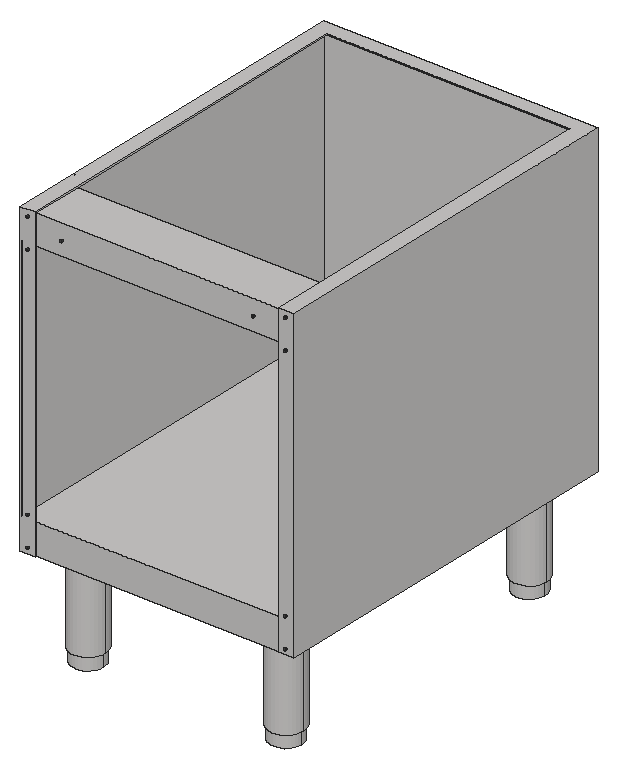
Revit family "QF_ELECTROLUXPROFESSIONAL_371263_E7BAMD00O00", category Specialty Equipment, Revit 2018
Family settings
  Round Connector Dimension = Use Diameter
  Part Type = Normal
  Work Plane-Based = No
  Always vertical = Yes
  Cut with Voids When Loaded = No
  Shared = No
  Room Calculation Point = No
Parameters (values of type "Standard")
  Weight = 10.00 kg
  Watts = 0 W
  Volts = 0 V
  URL Manufacturer = "http://professional.electrolux.com"
  URL = "http://professional.electrolux.com"
  Steam Supply Size = 0"
  Steam Supply Minimum Pressure = 0.00 psi
  Steam Supply Maximum Pressure = 0.00 psi
  Steam Pounds per Hour = 0
  Refrigeration Suction Line Size = 0.00 mm
  Refrigeration Liquid Line Size = 0.00 mm
  Refrigerant Compressor Remote = yes
  Phase = 0
  Model = "E7BAMD00O00"
  Manufacturer = "Electrolux Professional"
  Length Actual = 400.00 mm  # constant formula
  Item Number = "371263"
  Hot Water Size = 0"
  Height Actual = 600.00 mm  # constant formula
  HP = "0 HP"
  Gas Size = 0"
  Gas KW = 0
  Gas Input Pressure = 0.0 Btu/h
  Direct Waste Size = 0"
  Description = "OPEN BASE CUPBOARD 400 MM W/FLANGED FEET"
  Depth Actual = 550.00 mm  # constant formula
  Cycle = 0 Hz
  Condensate Return Size = 0"
  Compressed Air Volume = 0 GPM
  Compressed Air Size = 0"
  Compressed Air Pressure = 0.00 psi
  Cold Water Size = 0"
  Accessory = yes
Reference planes
  plane 1 "BACK": y = 0
  plane 2: z = 0
  plane 3 "LEFT": x = 0
  plane 4 "RIGHT": x = 399
  plane 5 "FRONT": y = -554
  plane 6 "TOP": z = 599
  plane 7 "Center Y": x = 199.5
  plane 8 "Center X": y = -277
  plane 9 "Base Height": z = 149
Forms (mm)
  Extrusion 1, solid, material "QF_Finishes_Stainless Steel"
    sketch origin (0, 0, 149) x (-1, 0, 0) y (0, -1, 0)
      loop
        line (0, 0) -> (0, 554) -> (-22, 554) -> (-22, 22) -> (-377, 22) -> (-377, 554) -> (-399, 554) -> (-399, 0) -> (0, 0)
    from 448.412 to 450
  Extrusion 2, solid, material "QF_Finishes_Stainless Steel"
    sketch origin (0, -554, 0) x (1, 0, 0) y (0, 0, 1)
      loop
        line (0, 597.413) -> (0, 149) -> (22, 149) -> (22, 597.413) -> (0, 597.413)
      loop
        line (399, 149) -> (399, 597.413) -> (377, 597.413) -> (377, 149) -> (399, 149)
    from 0 to -1.59
  Extrusion 3, solid, material "QF_Finishes_Stainless Steel"
    sketch origin (0, 0, 0) x (0, 1, 0) y (0, 0, 1)
      loop
        line (-552.41, 597.413) -> (-552.41, 149) -> (0, 149) -> (0, 597.413) -> (-552.41, 597.413)
    from 0 to 1.59
  Extrusion 4, solid, material "QF_Finishes_Stainless Steel"
    sketch origin (399, 0, 0) x (0, 1, 0) y (0, 0, 1)
      loop
        line (-552.41, 597.413) -> (-552.41, 149) -> (0, 149) -> (0, 597.413) -> (-552.41, 597.413)
    from 0 to -1.59
  Extrusion 5, solid, material "QF_Finishes_Stainless Steel"
    sketch origin (0, 0, 0) x (1, 0, 0) y (0, 0, 1)
      loop
        line (0, 597.413) -> (0, 149) -> (399, 149) -> (399, 597.413) -> (0, 597.413)
    from 0 to 1.59
  Extrusion 6, solid, material "QF_Finishes_Stainless Steel"
    sketch origin (0, 0, 149) x (-1, 0, 0) y (0, -1, 0)
      loop
        line (-1.59, 1.59) -> (-1.59, 552.41) -> (-397.41, 552.41) -> (-397.41, 1.59) -> (-1.59, 1.59)
      loop
        circle (-352.751, 403.685) r 12.7
    from 0 to 45
  Extrusion 7, solid, material "QF_Finishes_Stainless Steel"
    sketch origin (0, 0, 0) x (0, 1, 0) y (0, 0, 1)
      loop
        line (-552.41, 597.413) -> (-552.41, 554.237) -> (-550.82, 554.237) -> (-550.82, 595.823) -> (-477.41, 595.823) -> (-477.41, 597.413) -> (-552.41, 597.413)
    from 1.59 to 397.41
  Extrusion 8, solid, material "QF_Finishes_Stainless Steel"
    sketch origin (0, 0, 149) x (-1, 0, 0) y (0, -1, 0)
      loop
        circle (-352.751, 403.685) r 12.7
    from -1.075 to 43.642
  Extrusion 9, solid, material "QF_Finishes_Black"
    sketch origin (399, -554, 149) x (-1, 0, 0) y (0, 0, -1)
      loop
        circle (387.615, -441.126) r 1.5
      loop
        circle (387.615, -397.951) r 1.5
      loop
        circle (387.615, -51.126) r 1.5
      loop
        circle (387.615, -7.951) r 1.5
      loop
        circle (11.385, -441.126) r 1.5
      loop
        circle (11.385, -397.951) r 1.5
      loop
        circle (11.385, -51.126) r 1.5
      loop
        circle (11.385, -7.951) r 1.5
    from 0 to 1.59
  Extrusion 10, solid, material "QF_Finishes_Black"
    sketch origin (0, -552.41, 592.413) x (0, 0, 1) y (-1, 0, 0)
      loop
        circle (-17.884, -59.72) r 1.5
      loop
        circle (-17.884, -339.28) r 1.5
    from 0 to 1.59
  Revolve 11, solid, material "QF_Finishes_Stainless Steel"
    sketch origin (0, -499, 0) x (1, 0, 0) y (0, 0, 1)
      loop
        line (55, 0) -> (55, 149) -> (29.6, 149) -> (29.6, 19.05) -> (32.1, 19.05) -> (32.1, 0) -> (55, 0)
      axis (55, 0) -> (55, 149)
    angle from 0 to 360
  Revolve 12, solid, material "QF_Finishes_Stainless Steel"
    sketch origin (399, -499, 0) x (-1, 0, 0) y (0, 0, -1)
      loop
        line (55, 0) -> (32.1, 0) -> (32.1, -19.05) -> (29.6, -19.05) -> (29.6, -149) -> (55, -149) -> (55, 0)
      axis (55, 0) -> (55, -149)
    angle from 0 to 360
  Revolve 13, solid, material "QF_Finishes_Stainless Steel"
    sketch origin (0, -55, 0) x (1, 0, 0) y (0, 0, -1)
      loop
        line (55, 0) -> (32.1, 0) -> (32.1, -19.05) -> (29.6, -19.05) -> (29.6, -149) -> (55, -149) -> (55, 0)
      axis (55, 0) -> (55, -149)
    angle from 0 to 360
  Revolve 14, solid, material "QF_Finishes_Stainless Steel"
    sketch origin (399, -55, 0) x (-1, 0, 0) y (0, 0, 1)
      loop
        line (55, 0) -> (55, 149) -> (29.6, 149) -> (29.6, 19.05) -> (32.1, 19.05) -> (32.1, 0) -> (55, 0)
      axis (55, 0) -> (55, 149)
    angle from 0 to 360
Cuts and joins
  joined: Extrusion 1, Extrusion 2, Extrusion 3, Extrusion 4, Extrusion 5, Extrusion 6, Extrusion 7, Extrusion 8
Lines and regions (mm)
  symbolic lines, style "QF-Undercounter Details"
    curve 1: line (0, 0, 149) -> (399, 0, 149)
    curve 2: line (0, -554, 149) -> (0, 0, 149)
    curve 3: line (399, -554, 149) -> (0, -554, 149)
    curve 4: line (399, 0, 149) -> (399, -554, 149)
    curve 5: line (22, -477.41, 149) -> (377, -477.41, 149)
    curve 6: line (377, -554, 149) -> (377, -22, 149)
    curve 7: line (377, -22, 149) -> (22, -22, 149)
    curve 8: line (22, -22, 149) -> (22, -554, 149)
    curve 9: line (22, -22, 149) -> (0, 0, 149)
    curve 10: line (377, -22, 149) -> (399, 0, 149)
    curve 11: arc (340.051, -403.685, 149) -> (352.751, -390.985, 149) -> (365.451, -403.685, 149) r 12.7
    curve 12: arc (365.451, -403.685, 149) -> (352.751, -416.385, 149) -> (340.051, -403.685, 149) r 12.7
Dimensions and locks
  equal spacing: plane 3 "LEFT", plane 7 "Center Y", plane 4 "RIGHT"
  plane 3 "LEFT" to plane 4 "RIGHT" = 399.00 mm
  equal spacing: plane 5 "FRONT", plane 8 "Center X", plane 1 "BACK"
  plane 5 "FRONT" to plane 1 "BACK" = 554.00 mm
  plane 6 "TOP" to level = 599.00 mm
  locked: plane 9 "Base Height" to level at 149
  aligned and locked: level to plane 2
  aligned and locked: Revolve 11 to plane 9 "Base Height"
  aligned and locked: plane 9 "Base Height" to Revolve 12
Automatic sketch dimensions
  plane 1 "BACK" to Extrusion 1 sketch curve = 0.00 mm
  Extrusion 1 sketch curve to plane 4 "RIGHT" = 0.00 mm
  plane 5 "FRONT" to Extrusion 1 sketch curve = 0.00 mm  (x2)
  Extrusion 1 sketch curve to plane 3 "LEFT" = 0.00 mm
  Extrusion 1 sketch curve to Extrusion 1 sketch curve = 22.00 mm
  plane 3 "LEFT" to Extrusion 1 sketch curve = 22.00 mm
  plane 1 "BACK" to Extrusion 1 sketch curve = 22.00 mm
  Extrusion 2 sketch curve to plane 3 "LEFT" = 0.00 mm
  Extrusion 2 sketch curve to plane 9 "Base Height" = 0.00 mm  (x2)
  Extrusion 2 sketch curve to plane 4 "RIGHT" = 0.00 mm
  plane 3 "LEFT" to Extrusion 2 sketch curve = 22.00 mm
  Extrusion 2 sketch curve to plane 4 "RIGHT" = 22.00 mm
  Extrusion 2 sketch curve to plane 6 "TOP" = 1.587 mm  (x2)
  Extrusion 3 sketch curve to plane 9 "Base Height" = 0.00 mm
  Extrusion 3 sketch curve to plane 1 "BACK" = 0.00 mm
  Extrusion 3 sketch curve to plane 5 "FRONT" = 1.59 mm
  Extrusion 3 sketch curve to plane 6 "TOP" = 1.587 mm
  Extrusion 4 sketch curve to plane 9 "Base Height" = 0.00 mm
  Extrusion 4 sketch curve to plane 1 "BACK" = 0.00 mm
  Extrusion 4 sketch curve to plane 5 "FRONT" = 1.59 mm
  Extrusion 4 sketch curve to plane 6 "TOP" = 1.587 mm
  Extrusion 5 sketch curve to plane 3 "LEFT" = 0.00 mm
  Extrusion 5 sketch curve to plane 4 "RIGHT" = 0.00 mm
  Extrusion 5 sketch curve to plane 9 "Base Height" = 0.00 mm
  Extrusion 5 sketch curve to plane 6 "TOP" = 1.587 mm
  Extrusion 6 sketch curve to Extrusion 6 sketch curve = 0.00 mm  (x2)
  Extrusion 6 sketch curve to plane 4 "RIGHT" = 1.59 mm
  Extrusion 6 sketch curve to plane 4 "RIGHT" = 33.549 mm
  Extrusion 6 sketch curve to Extrusion 6 sketch curve = 12.70 mm
  plane 3 "LEFT" to Extrusion 6 sketch curve = 1.59 mm
  plane 1 "BACK" to Extrusion 6 sketch curve = 1.59 mm
  Extrusion 6 sketch curve to plane 8 "Center X" = 126.685 mm
  Extrusion 6 sketch curve to plane 5 "FRONT" = 1.59 mm
  Extrusion 7 sketch curve to plane 5 "FRONT" = 1.59 mm
  Extrusion 7 sketch curve to Extrusion 7 sketch curve = 1.59 mm
  Extrusion 7 sketch curve to plane 6 "TOP" = 3.178 mm
  Extrusion 7 sketch curve to Extrusion 7 sketch curve = 73.41 mm
  Extrusion 7 sketch curve to Extrusion 7 sketch curve = 41.585 mm
  Extrusion 7 sketch curve to plane 6 "TOP" = 1.588 mm
  Extrusion 8 sketch curve to plane 4 "RIGHT" = 46.249 mm
  Extrusion 8 sketch curve to plane 8 "Center X" = 126.685 mm
  Extrusion 1 to Extrusion 9 sketch curve = 365.615 mm
  Extrusion 9 sketch curve to Extrusion 1 = 50.462 mm
  Extrusion 9 sketch curve to Extrusion 9 sketch curve = 0.00 mm  (x3)
  Extrusion 9 sketch curve to Extrusion 1 = 7.286 mm  (x2)
  Extrusion 9 sketch curve to Extrusion 1 = 10.615 mm  (x4)
  Extrusion 9 sketch curve to Extrusion 9 sketch curve = 43.175 mm  (x3)
  Extrusion 9 sketch curve to Extrusion 9 sketch curve = 346.825 mm  (x2)
  Extrusion 10 sketch curve to Extrusion 7 = 20.291 mm  (x2)
  Extrusion 7 to Extrusion 10 sketch curve = 58.13 mm  (x2)
  curve 11 to curve 12 = 0.00 mm  (x2)
  curve 4 to plane 4 "RIGHT" = 0.00 mm
  plane 5 "FRONT" to curve 6 = 0.00 mm
  curve 3 to plane 3 "LEFT" = 0.00 mm
  plane 1 "BACK" to curve 1 = 0.00 mm
  curve 7 to plane 4 "RIGHT" = 22.00 mm
  curve 12 to plane 4 "RIGHT" = 33.549 mm
  curve 11 to curve 12 = 12.70 mm
  plane 3 "LEFT" to curve 9 = 22.00 mm
  plane 1 "BACK" to curve 10 = 22.00 mm
  curve 12 to plane 8 "Center X" = 126.685 mm
  curve 5 to plane 5 "FRONT" = 76.59 mm
  Revolve 11 sketch curve to plane 9 "Base Height" = 0.00 mm
  Revolve 11 sketch curve to level = 0.00 mm
  plane 3 "LEFT" to Revolve 11 sketch curve = 29.60 mm
  Revolve 11 sketch curve to Revolve 11 sketch curve = 2.50 mm
  Revolve 11 sketch curve to Revolve 11 sketch curve = 25.40 mm
  Revolve 11 sketch curve to Revolve 11 sketch curve = 0.00 mm
  level to Revolve 11 sketch curve = 19.05 mm
  plane 9 "Base Height" to Revolve 11 sketch curve = 1.00 mm
  Revolve 11 sketch curve to Revolve 11 sketch curve = 20.00 mm
  Revolve 12 sketch curve to plane 9 "Base Height" = 0.00 mm
  Revolve 12 sketch curve to level = 0.00 mm
  Revolve 12 sketch curve to plane 4 "RIGHT" = 29.60 mm
  Revolve 12 sketch curve to Revolve 12 sketch curve = 2.50 mm
  Revolve 12 sketch curve to Revolve 12 sketch curve = 25.40 mm
  Revolve 12 sketch curve to Revolve 12 sketch curve = 0.00 mm
  Revolve 12 sketch curve to Revolve 12 sketch curve = 1.00 mm
  Revolve 12 sketch curve to Revolve 12 sketch curve = 20.00 mm
  level to Revolve 12 sketch curve = 19.05 mm
  Revolve 13 sketch curve to plane 9 "Base Height" = 0.00 mm
  Revolve 13 sketch curve to level = 0.00 mm
  plane 3 "LEFT" to Revolve 13 sketch curve = 29.60 mm
  Revolve 13 sketch curve to Revolve 13 sketch curve = 2.50 mm
  Revolve 13 sketch curve to Revolve 13 sketch curve = 25.40 mm
  Revolve 13 sketch curve to Revolve 13 sketch curve = 0.00 mm
  plane 9 "Base Height" to Revolve 13 sketch curve = 1.00 mm
  Revolve 13 sketch curve to Revolve 13 sketch curve = 20.00 mm
  level to Revolve 13 sketch curve = 19.05 mm
  Revolve 14 sketch curve to plane 9 "Base Height" = 0.00 mm
  Revolve 14 sketch curve to level = 0.00 mm
  Revolve 14 sketch curve to plane 4 "RIGHT" = 29.60 mm
  Revolve 14 sketch curve to Revolve 14 sketch curve = 2.50 mm
  Revolve 14 sketch curve to Revolve 14 sketch curve = 25.40 mm
  Revolve 14 sketch curve to Revolve 14 sketch curve = 0.00 mm
  level to Revolve 14 sketch curve = 19.05 mm
  Revolve 14 sketch curve to Revolve 14 sketch curve = 1.00 mm
  Revolve 14 sketch curve to Revolve 14 sketch curve = 20.00 mm
  radius of Extrusion 8 sketch curve = 12.70 mm
  radius of Extrusion 9 sketch curve = 1.50 mm  (x8)
  radius of Extrusion 10 sketch curve = 1.50 mm  (x2)
